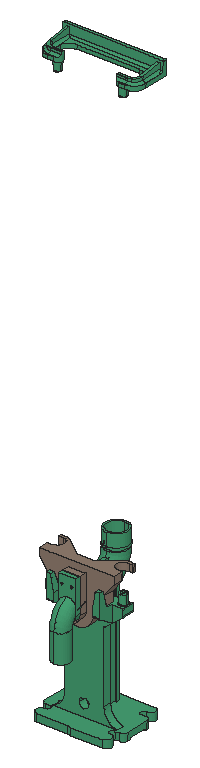
Revit family "Guide_Rail_System-Zoeller-(Z-Rail_Assembly)", category Mechanical Equipment, Revit 2014
Parameters (values of type "39-0143 1-1/4" Z-Rail")
  Width = 6 3/4"
  Waste Connection = yes
  Vent Connection = no
  Upper Rail Support Bracket = Support_Bracket-Upper-Zoeller-Rail_Sytem-152383 : 15-2383 SS
  URL = "http://www.zoellerpumps.com/"
  Revised Date = "04/10/2019"  # constant formula
  Rail System Discharge Radius = Rail System Discharge Diameter / 2  # 1"
  Rail System Discharge Diameter = 2"
  Rail Plate Material = Metal-Zoeller-Bronze
  Rail Discharge Outer Diameter = Rail System Discharge Diameter + 3/8"  # 2 3/8"
  Pump Discharge Radius = Pump Discharge Diameter / 2  # 5/8"
  Pump Discharge Diameter = 1 1/4"
  Product Page URL = "https://www.zoellerpumps.com/en-la/products/accessories/rail-systems"
  Product Documentation Link = "https://www.zoellerpumps.com/content/literature/zm2818.pdf"
  Price = "Prices may vary. Please consult Manufacturer Representative for most up-to-date price list."  # constant formula
  Non-Sparking Brass = yes
  Model = "39-0143"
  Material = Metal-Zoeller-Powder Coated Ductile Iron
  Manufacturer = "Zoeller"
  Length = 8 1/2"
  Height = 60"
  HW Connection = no
  Elbow Outer Diameter = Pump Discharge Diameter + 1/2"  # 1 3/4"
  Description = "Z-Rail Assembly"
  Default Elevation = 60"
  Creation Date = "1/25/2016"  # constant formula
  Carrier Void Diameter 3 = if(Pump Discharge Diameter = 2", 2 15/32", if(Pump Discharge Diameter = 1 1/2", 1 247/256", if(Pump Discharge Diameter = 1 1/4", 1 247/256", 1 247/256")))  # 1 247/256"
  Carrier Void Diameter 2 = if(Pump Discharge Diameter = 2", 2 17/64", if(Pump Discharge Diameter = 1 1/2", 1 49/64", if(Pump Discharge Diameter = 1 1/4", 1 49/64", 1 49/64")))  # 1 49/64"
  Carrier Void Diameter 1 = if(Pump Discharge Diameter = 2", 2 1/32", if(Pump Discharge Diameter = 1 1/2", 1 137/256", if(Pump Discharge Diameter = 1 1/4", 1 137/256", 1 137/256")))  # 1 137/256"
  CW Connection = yes
  Bracket Height = 60"
  Assembly Code = "D2030400"
Reference planes (in)
  plane 1 "Center (Front/Back)": y = 0
  plane 2: z = 0
  plane 3 "Center (Left/Right)": x = 0
  plane 4: x = -0.14941
  plane 5: x = 0.14941
  plane 6: x = -0.36816
  plane 7: x = 0.36816
  plane 8: z = 16.4075
  plane 9: z = 15.18875
  plane 10: y = -5.11503
  plane 11: y = -4.07403
  plane 12: z = 12.0625
  plane 13: z = 2.0625
  plane 14: z = 13.7125
  plane 15: x = -1.95312
  plane 16: x = 1.95313
  plane 17: y = -3.3125
  plane 18: x = -3.34375
  plane 19: x = 3.34375
  plane 20: y = -5.76965
  plane 21: y = -1
  plane 22: y = 1
  plane 23: x = -0.875
  plane 24: x = 0.875
Forms (in)
  Extrusion 1, solid, material "Metal-Zoeller-Powder Coated Ductile Iron" <- "Material"
    sketch origin (0, 0, 0) x (1, 0, 0) y (0, 1, 0)
      loop
        arc (-3.38199, 0.69097) -> (-3.87498, 0.18489) -> (-3.37323, -0.3125) r 0.50177
        line (-3.37323, -0.3125) -> (-3.3125, -0.3125)
        arc (-3.3125, -0.3125) -> (-3, -0.625) -> (-3.3125, -0.9375) r 0.3125
        line (-3.3125, -0.9375) -> (-3.75, -0.9375)
        arc (-3.75, -0.9375) -> (-4.10355, -1.08395) -> (-4.25, -1.4375) r 0.5
        line (-4.25, -1.4375) -> (-4.25, -3.8125)
        arc (-4.25, -3.8125) -> (-4.10355, -4.16605) -> (-3.75, -4.3125) r 0.5
        line (-3.75, -4.3125) -> (-3.3125, -4.3125)
        arc (-3.3125, -4.3125) -> (-3, -4.625) -> (-3.3125, -4.9375) r 0.3125
        line (-3.3125, -4.9375) -> (-3.37323, -4.9375)
        arc (-3.37323, -4.9375) -> (-3.87498, -5.43489) -> (-3.38199, -5.94097) r 0.50177
        line (-3.38199, -5.94097) -> (-0.17772, -5.9969)
        arc (-0.17772, -5.9969) -> (0, -5.99845) -> (0.17772, -5.9969) r 10.18289
        line (0.17772, -5.9969) -> (3.38199, -5.94097)
        arc (3.38199, -5.94097) -> (3.87498, -5.43489) -> (3.37323, -4.9375) r 0.50177
        line (3.37323, -4.9375) -> (3.3125, -4.9375)
        arc (3.3125, -4.9375) -> (3, -4.625) -> (3.3125, -4.3125) r 0.3125
        line (3.3125, -4.3125) -> (3.75, -4.3125)
        arc (3.75, -4.3125) -> (4.10355, -4.16605) -> (4.25, -3.8125) r 0.5
        line (4.25, -3.8125) -> (4.25, -1.4375)
        arc (4.25, -1.4375) -> (4.10355, -1.08395) -> (3.75, -0.9375) r 0.5
        line (3.75, -0.9375) -> (3.3125, -0.9375)
        arc (3.3125, -0.9375) -> (3, -0.625) -> (3.3125, -0.3125) r 0.3125
        line (3.3125, -0.3125) -> (3.37323, -0.3125)
        arc (3.37323, -0.3125) -> (3.87498, 0.18489) -> (3.38199, 0.69097) r 0.50177
        line (3.38199, 0.69097) -> (0.62113, 0.73916)
        arc (0.62113, 0.73916) -> (0, 0.74458) -> (-0.62113, 0.73916) r 35.59004
        line (-0.62113, 0.73916) -> (-3.38199, 0.69097)
    from 0 to 0.75
  Extrusion 2, solid, material "Metal-Zoeller-Powder Coated Ductile Iron" <- "Material"
    sketch origin (0, 0, 0) x (1, 0, 0) y (0, 0, 1)
      loop
        line (-3.2768, 0.75) -> (3.2768, 0.75)
        arc (3.2768, 0.75) -> (2.35526, 1.37783) -> (2, 2.43481) r 1.75
        line (2, 2.43481) -> (2, 9.75938) -> (-2, 9.75938) -> (-2, 2.43481)
        arc (-2, 2.43481) -> (-2.35526, 1.37783) -> (-3.2768, 0.75) r 1.75
      loop
        circle (0, 2.0625) r 0.5
    from 3.31667 to 4.07402
  Extrusion 3, solid, material "Metal-Zoeller-Powder Coated Ductile Iron" <- "Material"
    sketch origin (0, 0, 0) x (0, 1, 0) y (0, 0, 1)
      loop
        line (-0.42895, 0.76171) -> (-0.42895, 11.65604)
        arc (-0.42895, 11.65604) -> (-1.56287, 11.0679) -> (-2.82403, 10.86503) r 4.02147
        line (-2.82403, 10.86503) -> (-3.31667, 10.86503) -> (-3.31667, 0.76171) -> (-0.42895, 0.76171)
      loop
        line (-1.18753, 2.6875) -> (-1.18753, 8.6875)
        arc (-1.18753, 8.6875) -> (-1.33397, 9.04105) -> (-1.68753, 9.1875) r 0.5
        line (-1.68753, 9.1875) -> (-2.18753, 9.1875)
        arc (-2.18753, 9.1875) -> (-2.54108, 9.04105) -> (-2.68753, 8.6875) r 0.5
        line (-2.68753, 8.6875) -> (-2.68753, 2.6875)
        arc (-2.68753, 2.6875) -> (-2.54108, 2.33395) -> (-2.18753, 2.1875) r 0.5
        line (-2.18753, 2.1875) -> (-1.68753, 2.1875)
        arc (-1.68753, 2.1875) -> (-1.33397, 2.33395) -> (-1.18753, 2.6875) r 0.5
    from -0.15376 to 0.14507
  Extrusion 4, solid, material "Metal-Zoeller-Powder Coated Ductile Iron" <- "Material"
    sketch origin (0, 0, 0) x (0, 1, 0) y (0, 0, 1)
      loop
        line (-0.18753, 0.75) -> (-0.18753, 11.95333)
        arc (-0.18753, 11.95333) -> (-0.30626, 11.84994) -> (-0.42895, 11.75127) r 4.02147
        line (-0.42895, 11.75127) -> (-0.42895, 0.75) -> (-0.18753, 0.75)
    from -0.36816 to 0.36816
  Extrusion 5, solid, material "Metal-Zoeller-Powder Coated Ductile Iron" <- "Material"
    sketch origin (0, 0, 0) x (1, 0, 0) y (0, 0, 1)
      loop
        arc (2, 12.375) -> (0, 14.375) -> (-2, 12.375) r 2
        line (-2, 12.375) -> (-2, 12.0625) -> (-3.86295, 12.0625)
        arc (-3.86295, 12.0625) -> (-3.90714, 12.04419) -> (-3.92545, 12) r 0.0625
        line (-3.92545, 12) -> (-3.92545, 11.31107)
        arc (-3.92545, 11.31107) -> (-3.91276, 11.2562) -> (-3.87727, 11.21247) r 0.125
        line (-3.87727, 11.21247) -> (-2.0479, 9.78731)
        arc (-2.0479, 9.78731) -> (-2.01261, 9.74384) -> (-2, 9.68928) r 0.12427
        line (-2, 9.68928) -> (-2, 9.62667) -> (2, 9.62667) -> (2, 9.68893)
        arc (2, 9.68893) -> (2.01269, 9.7438) -> (2.04818, 9.78753) r 0.125
        line (2.04818, 9.78753) -> (3.87727, 11.21247)
        arc (3.87727, 11.21247) -> (3.91276, 11.2562) -> (3.92545, 11.31107) r 0.125
        line (3.92545, 11.31107) -> (3.92545, 12)
        arc (3.92545, 12) -> (3.90714, 12.04419) -> (3.86295, 12.0625) r 0.0625
        line (3.86295, 12.0625) -> (2, 12.0625) -> (2, 12.375)
      loop
        circle (0, 12.0625) r 1
    from 2.82835 to 4.07402
  Revolve 6, solid, material "Metal-Zoeller-Powder Coated Ductile Iron" <- "Material"
    sketch origin (0, -3.3125, 0) x (1, 0, 0) y (0, 0, 1)
      loop
        line (-3.34375, 12.0625) -> (-3.34375, 13.0625) -> (-3.62236, 13.0625)
        arc (-3.62236, 13.0625) -> (-3.66658, 13.04464) -> (-3.68597, 13.00107) r 0.06365
        line (-3.68597, 13.00107) -> (-3.71664, 12.12282)
        arc (-3.71664, 12.12282) -> (-3.73569, 12.08004) -> (-3.77911, 12.0625) r 0.0625
        line (-3.77911, 12.0625) -> (-3.34375, 12.0625)
      axis (-3.34375, 13.0625) -> (-3.34375, 12.0625)
    angle from 0 to 360
  Revolve 7, solid, material "Metal-Zoeller-Powder Coated Ductile Iron" <- "Material"
    sketch origin (6.6875, -3.3125, 0) x (1, 0, 0) y (0, 0, 1)
      loop
        line (-3.34375, 12.0625) -> (-3.34375, 13.0625) -> (-3.62236, 13.0625)
        arc (-3.62236, 13.0625) -> (-3.66658, 13.04464) -> (-3.68597, 13.00107) r 0.06365
        line (-3.68597, 13.00107) -> (-3.71664, 12.12282)
        arc (-3.71664, 12.12282) -> (-3.73569, 12.08004) -> (-3.77911, 12.0625) r 0.0625
        line (-3.77911, 12.0625) -> (-3.34375, 12.0625)
      axis (-3.34375, 13.0625) -> (-3.34375, 12.0625)
    angle from 0 to 360
  Extrusion 8, solid, material "Metal-Zoeller-Powder Coated Ductile Iron" <- "Material"
    sketch origin (0, 0, 0) x (0, 1, 0) y (0, 0, -1)
      loop
        line (-3.92545, -10.33428) -> (-5.48065, -11.23218)
        arc (-5.48065, -11.23218) -> (-5.50325, -11.25478) -> (-5.51152, -11.28565) r 0.06175
        line (-5.51152, -11.28565) -> (-5.51152, -13.7125) -> (-5.11503, -13.7125) -> (-4.78536, -12.16151)
        arc (-4.78536, -12.16151) -> (-4.74176, -12.09036) -> (-4.66309, -12.0625) r 0.125
        line (-4.66309, -12.0625) -> (-3.84482, -12.0625) -> (-3.84482, -10.33428) -> (-3.92545, -10.33428)
    from 1.95831 to 2.75
  Extrusion 9, solid, material "Metal-Zoeller-Powder Coated Ductile Iron" <- "Material"
    sketch origin (0, 0, 0) x (0, 1, 0) y (0, 0, 1)
      loop
        line (-3.92545, 10.33428) -> (-3.84482, 10.33428) -> (-3.84482, 12.0625) -> (-4.66309, 12.0625)
        arc (-4.66309, 12.0625) -> (-4.74176, 12.09036) -> (-4.78536, 12.16151) r 0.125
        line (-4.78536, 12.16151) -> (-5.11503, 13.7125) -> (-5.51152, 13.7125) -> (-5.51152, 11.28565)
        arc (-5.51152, 11.28565) -> (-5.50325, 11.25478) -> (-5.48065, 11.23218) r 0.06175
        line (-5.48065, 11.23218) -> (-3.92545, 10.33428)
    from 1.95832 to 2.75
  Revolve 10, solid, material "Metal-Zoeller-Powder Coated Ductile Iron" <- "Material"
    sketch origin (0, 0, 0) x (0, 1, 0) y (0, 0, 1)
      loop
        line (-1.21878, 14.8865) -> (-1, 14.8865) -> (-1, 16.4075) -> (-1.18753, 16.4075) -> (-1.18753, 15.0975) -> (-1.21878, 15.0975) -> (-1.21878, 14.8865)
      axis (0, 16.4075) -> (0, 14.8865)
    angle from 0 to 360
  Sweep 11, solid, material "Metal-Zoeller-Powder Coated Ductile Iron" <- "Material"
    path origin (0, 0, 0) x (0, 1, 0) y (0, 0, 1)
      loop
        line (-2.82835, 12.0625) -> (-2.68778, 12.0625)
        arc (-2.68778, 12.0625) -> (-0.78723, 12.84973) -> (0, 14.75028) r 2.68778
        line (0, 14.75028) -> (0, 14.8865)
    profile origin (0, 0, 14.81839) x (0, -1, 0) y (1, 0, 0)
      loop
        circle (0, 0) r 1
      loop
        circle (0, 0) r 1.1875
  Extrusion 12, solid, material "Metal-Zoeller-Powder Coated Ductile Iron" <- "Material"
    sketch origin (0, 0, 0) x (0, 1, 0) y (0, 0, 1)
      loop
        line (-1.26479, 14.1875) -> (-2.82835, 14.1875) -> (-2.82835, 13.1875)
        arc (-2.82835, 13.1875) -> (-1.87504, 13.4193) -> (-1.26479, 14.1875) r 1.51168
    from -0.19629 to 0.19629
  Sweep 13, void
    path origin (0, 0, 0) x (1, 0, 0) y (0, 0, 1)
      loop
        line (2, 12.0625) -> (2, 12.375)
        arc (2, 12.375) -> (0, 14.375) -> (-2, 12.375) r 2
        line (-2, 12.375) -> (-2, 12.0625)
    profile origin (0, 0, 14.375) x (0, 0, -1) y (0, -1, 0)
      loop
        line (0.25, 4.07402) -> (0, 4.07402) -> (0, 3.82402) -> (0.25, 4.07402)
  Extrusion 14, void
    sketch origin (0, 0, 0) x (1, 0, 0) y (0, 0, 1)
      loop
        line (-1.85887, 11.62551) -> (-1.85887, 13.88808) -> (-2.3398, 13.88808) -> (-1.85887, 11.62551)
      loop
        line (2.33475, 13.86433) -> (1.83276, 13.86433) -> (1.83276, 11.50264) -> (2.33475, 13.86433)
    from 4.60524 to 6.26847
  Extrusion 15, void
    sketch origin (0, 0, 0) x (0, 1, 0) y (0, 0, 1)
      loop
        line (-1.62503, 0) -> (-1.62503, 0.0625)
        arc (-1.62503, 0.0625) -> (-1.64333, 0.10669) -> (-1.68753, 0.125) r 0.0625
        line (-1.68753, 0.125) -> (-3.56175, 0.125)
        arc (-3.56175, 0.125) -> (-3.60649, 0.10647) -> (-3.62502, 0.06172) r 0.06328
        line (-3.62502, 0.06172) -> (-3.62502, 0) -> (-1.62503, 0)
    from -4.9519 to 4.97441
  Extrusion 16, solid, material "Metal-Zoeller-Bronze" <- "Rail Plate Material"
    sketch origin (0, -5.76965, 15.375) x (1, 0, 0) y (0, 1, 0)
      loop
        line (-3.34611, 1.76575) -> (-3.75236, 1.76575)
        arc (-3.75236, 1.76575) -> (-3.79655, 1.74745) -> (-3.81486, 1.70325) r 0.0625
        line (-3.81486, 1.70325) -> (-3.81486, 0.7505) -> (3.81711, 0.7505) -> (3.81711, 1.70325)
        arc (3.81711, 1.70325) -> (3.7988, 1.74745) -> (3.75461, 1.76575) r 0.0625
        line (3.75461, 1.76575) -> (3.34836, 1.76575)
        spline (3.34836, 1.76575) -> (3.17, 1.78924) -> (3.00379, 1.85808) -> (2.86107, 1.9676) -> (2.75155, 2.11032) -> (2.68271, 2.27653) -> (2.65923, 2.45489) -> (2.68271, 2.63325) -> (2.75155, 2.79945) -> (2.86107, 2.94218) -> (3.00379, 3.05169) -> (3.17, 3.12054) -> (3.34836, 3.14402)
        line (3.34836, 3.14402) -> (3.74662, 3.14402) -> (3.73846, 3.37768)
        arc (3.73846, 3.37768) -> (3.71942, 3.42046) -> (3.676, 3.438) r 0.0625
        line (3.676, 3.438) -> (3.34836, 3.438)
        arc (3.34836, 3.438) -> (3.02788, 3.38437) -> (2.74232, 3.22932) r 0.98438
        line (2.74232, 3.22932) -> (0.92838, 1.813) -> (-0.92838, 1.813) -> (-2.74007, 3.22932)
        arc (-2.74007, 3.22932) -> (-3.02563, 3.38437) -> (-3.34611, 3.438) r 0.98437
        line (-3.34611, 3.438) -> (-3.67375, 3.438)
        arc (-3.67375, 3.438) -> (-3.71717, 3.42046) -> (-3.73621, 3.37768) r 0.0625
        line (-3.73621, 3.37768) -> (-3.74437, 3.14402) -> (-3.34611, 3.14402)
        spline (-3.34611, 3.14402) -> (-3.16775, 3.12054) -> (-3.00154, 3.05169) -> (-2.85882, 2.94218) -> (-2.7493, 2.79945) -> (-2.68046, 2.63325) -> (-2.65698, 2.45489) -> (-2.68046, 2.27653) -> (-2.7493, 2.11032) -> (-2.85882, 1.9676) -> (-3.00154, 1.85808) -> (-3.16775, 1.78924) -> (-3.34611, 1.76575)
    from -0.69678 to 0
  Extrusion 17, solid, material "Metal-Zoeller-Bronze" <- "Rail Plate Material"
    sketch origin (0, -5.76965, 15.375) x (1, 0, 0) y (0, 0, 1)
      loop
        line (-2.87736, -3.0625) -> (-1.78166, -3.0625) -> (-1.78166, -4.0625)
        arc (-1.78166, -4.0625) -> (0, -5.84416) -> (1.78166, -4.0625) r 1.78166
        line (1.78166, -4.0625) -> (1.78166, -3.0625) -> (2.87736, -3.0625) -> (2.87736, -2) -> (3.81486, -0.75) -> (3.81486, -0.69678) -> (-3.81486, -0.69678) -> (-3.81486, -0.75) -> (-2.87736, -2) -> (-2.87736, -3.0625)
    from -1.688 to -0.7496
  Extrusion 18, solid, material "Metal-Zoeller-Bronze" <- "Rail Plate Material"
    sketch origin (0, -5.76965, 15.375) x (1, 0, 0) y (0, 0, 1)
      loop
        arc (-0.875, -4.28041) -> (0, -5.15541) -> (0.875, -4.28041) r 0.875
        line (0.875, -4.28041) -> (0.875, -0.69678) -> (-0.875, -0.69678) -> (-0.875, -4.28041)
    from -1.1255 to 0
  Extrusion 19, void
    sketch origin (0, -4.08165, 12.0625) x (0, 1, 0) y (0, 0, -1)
      loop
        arc (-0.72835, -0.2186) -> (-0.69266, 0.00377) -> (-0.68072, 0.22868) r 2.12391
        line (-0.68072, 0.22868) -> (-0.68072, 2.56486) -> (-0.95, 2.56486) -> (-0.95, -1.2475) -> (-0.72835, -0.2186)
    from -3.46812 to -1.82978
  Extrusion 20, void
    sketch origin (0, -4.08165, 12.0625) x (0, 1, 0) y (0, 0, 1)
      loop
        line (-0.72835, 0.2186) -> (-0.95, 1.2475) -> (-0.95, -2.56486) -> (-0.68072, -2.56486) -> (-0.68072, -0.22868)
        arc (-0.68072, -0.22868) -> (-0.69266, -0.00377) -> (-0.72835, 0.2186) r 2.12391
    from -3.46812 to -1.81735
  Revolve 21, void
    sketch origin (0, -4.08165, 12.0625) x (0, 1, 0) y (0, 0, 1)
      loop
        line (0, -1.859) -> (0, -1.59337) -> (-0.40625, -1.59337) -> (-0.40625, -1.68712) -> (-1.688, -1.68712) -> (-1.688, -1.859) -> (0, -1.859)
      axis (-1.688, -1.859) -> (0, -1.859)
    angle from 0 to 360
  Revolve 22, void
    sketch origin (-0.5035, -4.08165, 15.69073) x (0, 1, 0) y (0, 0, 1)
      loop
        line (0, -1.859) -> (0, -1.59337) -> (-0.40625, -1.59337) -> (-0.40625, -1.68712) -> (-1.688, -1.68712) -> (-1.688, -1.859) -> (0, -1.859)
      axis (-1.688, -1.859) -> (0, -1.859)
    angle from 0 to 360
  Revolve 23, void
    sketch origin (0.5035, -4.08165, 15.69073) x (0, 1, 0) y (0, 0, -1)
      loop
        line (0, 1.859) -> (-1.688, 1.859) -> (-1.688, 1.68712) -> (-0.40625, 1.68712) -> (-0.40625, 1.59337) -> (0, 1.59337) -> (0, 1.859)
      axis (-1.688, 1.859) -> (0, 1.859)
    angle from 0 to 360
  Sweep 24, solid, material "Metal-Zoeller-Epoxy Powder Coated Ductile Iron"
    path origin (0, -7.09216, 7.39737) x (0, -1, 0) y (0, 0, 1)
      loop
        line (-1.97712, 4.66513) -> (-1.81579, 4.66513)
        arc (-1.81579, 4.66513) -> (-0.53183, 4.1333) -> (0, 2.84934) r 1.81579
        line (0, 2.84934) -> (0, 0)
    profile origin (0, -5.1957, 12.0625) x (0, 0, 1) y (-1, 0, 0)
      loop
        circle (0, 0) r 0.875
  Extrusion 25, solid, material "Metal-Zoeller-Epoxy Powder Coated Ductile Iron"
    sketch origin (6.97812, -7.09216, 6.58431) x (-1, 0, 0) y (0, 0, 1)
      loop
        line (6.10312, 8.09391) -> (6.10312, 4.67729)
        arc (6.10312, 4.67729) -> (6.97812, 3.80229) -> (7.85312, 4.67729) r 0.875
        line (7.85312, 4.67729) -> (7.85312, 8.09391) -> (6.10312, 8.09391)
    from 0.83492 to 1.32251
  Extrusion 26, void
    sketch origin (0, -7.09216, 7.39737) x (-1, 0, 0) y (0, 0, 1)
      loop
        circle (-0.4965, 6.41513) r 0.1285
      loop
        circle (0.4965, 6.41513) r 0.1285
      loop
        circle (0, 2.81513) r 0.1285
    from 0.32934 to 2.24219
Cuts and joins
  Revolve 22, Revolve 23, Extrusion 26 cuts Extrusion 2
  Revolve 22, Revolve 23, Extrusion 26 cuts Extrusion 3
  Revolve 22, Revolve 23, Extrusion 26 cuts Extrusion 4
  Sweep 13, Revolve 22, Revolve 23, Extrusion 26 cuts Extrusion 5
  Revolve 22, Revolve 23, Extrusion 26 cuts Revolve 6
  Revolve 22, Revolve 23, Extrusion 26 cuts Revolve 7
  Extrusion 14, Revolve 22, Revolve 23, Extrusion 26 cuts Extrusion 8
  Extrusion 14, Revolve 22, Revolve 23, Extrusion 26 cuts Extrusion 9
  Revolve 22, Revolve 23, Extrusion 26 cuts Revolve 10
  Revolve 22, Revolve 23, Extrusion 26 cuts Sweep 11
  Revolve 22, Revolve 23, Extrusion 26 cuts Extrusion 12
  joined: Extrusion 2, Extrusion 3, Extrusion 4, Extrusion 5, Revolve 6, Revolve 7, Extrusion 8, Extrusion 9, Revolve 10, Sweep 11, Extrusion 12
  Extrusion 15, Extrusion 19, Extrusion 20 cuts Extrusion 1
  Extrusion 19, Extrusion 20, Revolve 21, Revolve 22, Revolve 23 cuts Extrusion 17
  Revolve 21, Revolve 22, Revolve 23 cuts Extrusion 18
  joined: Extrusion 16, Extrusion 17, Extrusion 18
  Extrusion 26 cuts Extrusion 25
Lines and regions (in)
  Masking region 1
    outline origin (0, 0, 0) x (1, 0, 0) y (0, 1, 0)
      loop
        line (-0.97368, 0.733) -> (-3.38199, 0.69097)
        arc (-3.38199, 0.69097) -> (-3.87498, 0.18489) -> (-3.37323, -0.3125) r 0.50177
        line (-3.37323, -0.3125) -> (-3.3125, -0.3125)
        arc (-3.3125, -0.3125) -> (-3, -0.625) -> (-3.3125, -0.9375) r 0.3125
        line (-3.3125, -0.9375) -> (-3.75, -0.9375)
        arc (-3.75, -0.9375) -> (-4.10355, -1.08395) -> (-4.25, -1.4375) r 0.5
        line (-4.25, -1.4375) -> (-4.25, -3.8125)
        arc (-4.25, -3.8125) -> (-4.10355, -4.16605) -> (-3.75, -4.3125) r 0.5
        line (-3.75, -4.3125) -> (-3.3125, -4.3125)
        arc (-3.3125, -4.3125) -> (-3, -4.625) -> (-3.3125, -4.9375) r 0.3125
        line (-3.3125, -4.9375) -> (-3.37323, -4.9375)
        arc (-3.37323, -4.9375) -> (-3.87498, -5.43489) -> (-3.38199, -5.94097) r 0.50177
        line (-3.38199, -5.94097) -> (-1.345, -5.97652) -> (-1.345, -6.25723) -> (-0.8759, -6.25723) -> (-0.8759, -7.09789)
        arc (-0.8759, -7.09789) -> (0.00324, -7.97703) -> (0.88238, -7.09789) r 0.87914
        line (0.88238, -7.09789) -> (0.88238, -6.25723) -> (1.345, -6.25723) -> (1.345, -5.97652) -> (3.38199, -5.94097)
        arc (3.38199, -5.94097) -> (3.87498, -5.43489) -> (3.37323, -4.9375) r 0.50177
        line (3.37323, -4.9375) -> (3.3125, -4.9375)
        arc (3.3125, -4.9375) -> (3, -4.625) -> (3.3125, -4.3125) r 0.3125
        line (3.3125, -4.3125) -> (3.75, -4.3125)
        arc (3.75, -4.3125) -> (4.10355, -4.16605) -> (4.25, -3.8125) r 0.5
        line (4.25, -3.8125) -> (4.25, -1.4375)
        arc (4.25, -1.4375) -> (4.10355, -1.08395) -> (3.75, -0.9375) r 0.5
        line (3.75, -0.9375) -> (3.3125, -0.9375)
        arc (3.3125, -0.9375) -> (3, -0.625) -> (3.3125, -0.3125) r 0.3125
        line (3.3125, -0.3125) -> (3.37323, -0.3125)
        arc (3.37323, -0.3125) -> (3.87498, 0.18489) -> (3.38199, 0.69097) r 0.50177
        line (3.38199, 0.69097) -> (0.97368, 0.733)
        arc (0.97368, 0.733) -> (0, 1.21875) -> (-0.97368, 0.733) r 1.21875
  symbolic lines, detail levels medium+fine
    curve 1: circle (0, 0, 0) r 1 normal (0, 0, -1)
    curve 2: arc (-0.97368, 0.733, 0) -> (0, -1.21878, 0) -> (0.97368, 0.733, 0) r 1.21876
    curve 3: line (-3.92545, -2.82835, 0) -> (-3.92545, -4.07402, 0)
    curve 4: line (-3.92545, -4.07402, 0) -> (-2.75, -4.07402, 0)
    curve 5: line (-2.75, -4.07402, 0) -> (-2.75, -5.51152, 0)
    curve 6: line (-2.75, -5.51152, 0) -> (-2, -5.51152, 0)
    curve 7: line (-2, -5.51152, 0) -> (-2, -4.07402, 0)
    curve 8: line (2, -4.07402, 0) -> (2, -5.51152, 0)
    curve 9: line (2, -5.51152, 0) -> (2.75, -5.51152, 0)
    curve 10: line (2.75, -5.51152, 0) -> (2.75, -4.07402, 0)
    curve 11: line (3.92545, -4.07402, 0) -> (3.92545, -2.82835, 0)
    curve 12: line (3.92545, -2.82835, 0) -> (-3.92545, -2.82835, 0)
    curve 13: line (-1.17545, -2.82835, 0) -> (-1.17545, -0.32203, 0)
    curve 14: line (1.17545, -2.82835, 0) -> (1.17545, -0.32203, 0)
    curve 15: line (-2, -4.07402, 0) -> (2, -4.07402, 0)
    curve 16: line (2.75, -4.07402, 0) -> (3.92545, -4.07402, 0)
    curve 33: line (-1.345, -5.97652, 0) -> (1.345, -5.97652, 0)
    curve 34: line (-0.8759, -6.25723, 0) -> (0.88238, -6.25723, 0)
  symbolic lines, detail levels fine
    curve 17: line (-2.35072, -5.51152, 0) -> (-2.35072, -5.11503, 0)
    curve 18: line (-2.35072, -5.11503, 0) -> (-2.02105, -4.78536, 0)
    curve 19: line (-2.75, -5.11503, 0) -> (-2.35072, -5.11503, 0)
    curve 20: line (2.35072, -5.11503, 0) -> (2.75, -5.11503, 0)
    curve 21: line (2.35072, -5.11503, 0) -> (2.35072, -5.51152, 0)
    curve 22: line (2.02105, -4.78536, 0) -> (2.35072, -5.11503, 0)
    curve 23: line (-2, -2.82835, 0) -> (-2, -3.82402, 0)
    curve 24: line (-2, -3.82402, 0) -> (-1.75, -4.07402, 0)
    curve 25: line (2, -2.82835, 0) -> (2, -3.82402, 0)
    curve 26: line (2, -3.82402, 0) -> (1.75, -4.07402, 0)
    curve 27: line (-2, -3.82402, 0) -> (2, -3.82402, 0)
    curve 28: line (-0.19629, -2.82835, 0) -> (-0.19629, -1.27945, 0)
    curve 29: arc (-0.19629, -1.27945, 0) -> (0, -1.29705, 0) -> (0.19629, -1.27945, 0) r 1.10298
    curve 30: line (0.19629, -1.27945, 0) -> (0.19629, -2.82835, 0)
    curve 31: circle (-3.34375, -3.3125, 0) r 0.33103 normal (0, 0, 1)
    curve 32: circle (3.34375, -3.3125, 0) r 0.33103 normal (0, 0, -1)
Dimensions and locks (in)
  plane 9 to plane 8 = 1 7/32"
  level to plane 8 = 16.4075"
  plane 12 to plane 13 = 10"
  plane 14 to plane 12 = 1.65"
  plane 16 to plane 15 = 3 29/32"
  plane 11 to plane 10 = 1.041"
  plane 17 to plane 11 = 0.76153"
  plane 19 to plane 18 = 6 11/16"
  plane 18 to plane 19 = 6 11/16"
  plane 3 "Center (Left/Right)" to plane 19 = 3 11/32"
  plane 3 "Center (Left/Right)" to plane 18 = 3 11/32"
  locked: Extrusion 16 sketch curve to Extrusion 16 sketch curve at 1.85676
  Extrusion 16 sketch curve to Extrusion 16 sketch curve = 1.85676"
  equal spacing: plane 21, plane 1 "Center (Front/Back)", plane 22
  "Rail System Discharge Diameter": plane 21 to plane 22
  locked: Revolve 10 sketch curve to plane 21 at 0.18753
  locked: Revolve 10 sketch curve to plane 21 at 0.21878
  locked: Revolve 10 sketch curve to plane 8 at 1.521
  locked: Revolve 10 sketch curve to Revolve 10 sketch curve at 0.211
  equal spacing: plane 24, plane 3 "Center (Left/Right)", plane 23
  "Elbow Outer Diameter": plane 24 to plane 23
  "Rail System Discharge Diameter": diameter of Sweep 11 sketch curve
  "Rail Discharge Outer Diameter": diameter of Sweep 11 sketch curve
  "Elbow Outer Diameter": diameter of Sweep 24 sketch curve
  aligned and locked: plane 3 "Center (Left/Right)" to nested 1
  aligned and locked: Revolve 10 sketch curve to plane 21
  aligned and locked: plane 8 to Revolve 10 sketch curve
  aligned and locked: plane 23 to Extrusion 25 sketch curve
  aligned and locked: Extrusion 25 sketch curve to plane 24
  aligned and locked: Extrusion 18 sketch curve to cut or joined group of Extrusion 25, Extrusion 26  (x2)
Automatic sketch dimensions
  Extrusion 1 sketch curve to plane 3 "Center (Left/Right)" = 0"  (x2)
  Extrusion 1 sketch curve to plane 4 = 0.0283"
  Extrusion 1 sketch curve to plane 6 = 0.25297"
  plane 18 to Extrusion 1 sketch curve = 1/32"  (x2)
  Extrusion 1 sketch curve to plane 18 = 0.02948"  (x2)
  Extrusion 1 sketch curve to plane 18 = 0.03824"  (x2)
  Extrusion 1 sketch curve to plane 18 = 13/32"  (x2)
  plane 11 to Extrusion 1 sketch curve = 0.26153"
  Extrusion 1 sketch curve to Extrusion 1 sketch curve = 1/2"  (x2)
  Extrusion 1 sketch curve to plane 5 = 0.0283"
  Extrusion 1 sketch curve to plane 7 = 0.25297"
  plane 19 to Extrusion 1 sketch curve = 1/32"  (x2)
  Extrusion 1 sketch curve to plane 19 = 0.02948"  (x2)
  Extrusion 1 sketch curve to plane 19 = 0.03824"  (x2)
  Extrusion 1 sketch curve to plane 19 = 13/32"  (x2)
  plane 10 to Extrusion 1 sketch curve = 0.49003"
  Extrusion 1 sketch curve to Extrusion 1 sketch curve = 5/16"  (x3)
  plane 10 to Extrusion 1 sketch curve = 0.17753"
  Extrusion 1 sketch curve to plane 10 = 83/256"  (x2)
  Extrusion 1 sketch curve to plane 10 = 0.88186"
  Extrusion 1 sketch curve to Extrusion 1 sketch curve = 28.84856"
  plane 1 "Center (Front/Back)" to Extrusion 1 sketch curve = 1 7/16"  (x2)
  Extrusion 1 sketch curve to plane 1 "Center (Front/Back)" = 0.18927"  (x2)
  Extrusion 1 sketch curve to plane 1 "Center (Front/Back)" = 0.73916"
  Extrusion 1 sketch curve to Extrusion 1 sketch curve = 3.44528"
  Extrusion 2 sketch curve to plane 3 "Center (Left/Right)" = 0"
  Extrusion 2 sketch curve to plane 13 = 0"
  Extrusion 2 sketch curve to plane 15 = 3/64"
  plane 18 to Extrusion 2 sketch curve = 0.06695"
  Extrusion 2 sketch curve to plane 18 = 13/32"
  Extrusion 2 sketch curve to plane 16 = 3/64"
  plane 19 to Extrusion 2 sketch curve = 0.06695"
  Extrusion 2 sketch curve to plane 19 = 13/32"
  level to Extrusion 2 sketch curve = 3/4"
  plane 12 to Extrusion 2 sketch curve = 2.30312"
  Extrusion 3 sketch curve to plane 17 = 0.00417"
  plane 9 to Extrusion 3 sketch curve = 0.30225"
  plane 17 to Extrusion 3 sketch curve = 0.48847"
  plane 17 to Extrusion 3 sketch curve = 0.62497"
  Extrusion 3 sketch curve to Extrusion 3 sketch curve = 1/2"  (x5)
  Extrusion 3 sketch curve to plane 13 = 1/8"
  plane 1 "Center (Front/Back)" to Extrusion 3 sketch curve = 0.42895"
  Extrusion 3 sketch curve to Extrusion 3 sketch curve = 0"  (x2)
  level to Extrusion 3 sketch curve = 195/256"
  plane 12 to Extrusion 3 sketch curve = 3 3/8"
  plane 12 to Extrusion 3 sketch curve = 1.19747"
  plane 17 to Extrusion 4 sketch curve = 0.42523"
  plane 1 "Center (Front/Back)" to Extrusion 4 sketch curve = 0.42895"
  plane 1 "Center (Front/Back)" to Extrusion 4 sketch curve = 0.18753"  (x2)
  plane 12 to Extrusion 4 sketch curve = 0.10917"
  Extrusion 4 sketch curve to Extrusion 4 sketch curve = 0.20205"
  level to Extrusion 4 sketch curve = 3/4"
  Extrusion 5 sketch curve to plane 12 = 0"  (x3)
  Extrusion 5 sketch curve to plane 3 "Center (Left/Right)" = 0"  (x2)
  Extrusion 5 sketch curve to plane 15 = 3/64"  (x2)
  Extrusion 5 sketch curve to plane 15 = 0.09477"
  Extrusion 5 sketch curve to Extrusion 5 sketch curve = 0.07637"
  Extrusion 5 sketch curve to plane 18 = 0.4567"
  Extrusion 5 sketch curve to plane 18 = 0.5192"
  Extrusion 5 sketch curve to Extrusion 5 sketch curve = 0.07682"  (x2)
  Extrusion 5 sketch curve to Extrusion 5 sketch curve = 1/16"
  Extrusion 5 sketch curve to plane 16 = 3/64"
  Extrusion 5 sketch curve to plane 16 = 0.09505"
  Extrusion 5 sketch curve to Extrusion 5 sketch curve = 1/8"
  Extrusion 5 sketch curve to plane 19 = 0.4567"
  Extrusion 5 sketch curve to plane 19 = 0.5192"
  Extrusion 5 sketch curve to Extrusion 5 sketch curve = 0.04818"
  Extrusion 5 sketch curve to Extrusion 5 sketch curve = 0.68893"  (x2)
  plane 12 to Extrusion 5 sketch curve = 2.27497"
  plane 12 to Extrusion 5 sketch curve = 2.27519"
  Extrusion 5 sketch curve to Extrusion 5 sketch curve = 0.06225"
  Extrusion 5 sketch curve to plane 12 = 5/16"
  Revolve 6 sketch curve to plane 12 = 0"  (x2)
  Revolve 6 sketch curve to plane 18 = 0"  (x2)
  Revolve 6 sketch curve to plane 18 = 0.27861"
  Revolve 6 sketch curve to Revolve 6 sketch curve = 0.06361"
  Revolve 6 sketch curve to plane 12 = 0.06032"
  Revolve 6 sketch curve to plane 18 = 0.37289"
  Revolve 6 sketch curve to Revolve 6 sketch curve = 0.06246"
  Revolve 6 sketch curve to Revolve 6 sketch curve = 0"
  Revolve 6 sketch curve to Revolve 6 sketch curve = 0.39675"
  plane 14 to Revolve 6 sketch curve = 0.71365"
  Revolve 6 sketch curve to Revolve 6 sketch curve = 0.00222"
  Revolve 7 sketch curve to plane 12 = 0"  (x2)
  plane 19 to Revolve 7 sketch curve = 0"  (x2)
  plane 19 to Revolve 7 sketch curve = 0.27861"
  Revolve 7 sketch curve to Revolve 7 sketch curve = 0.06361"
  Revolve 7 sketch curve to plane 12 = 0.06032"
  plane 19 to Revolve 7 sketch curve = 0.37289"
  Revolve 7 sketch curve to Revolve 7 sketch curve = 0.06246"
  Revolve 7 sketch curve to Revolve 7 sketch curve = 0"
  Revolve 7 sketch curve to Revolve 7 sketch curve = 0.39675"
  plane 14 to Revolve 7 sketch curve = 0.71365"
  Revolve 7 sketch curve to Revolve 7 sketch curve = 0.00222"
  plane 14 to Extrusion 8 sketch curve = 0"
  Extrusion 8 sketch curve to plane 10 = 0"
  plane 12 to Extrusion 8 sketch curve = 0"
  Extrusion 8 sketch curve to plane 10 = 0.33474"
  Extrusion 8 sketch curve to Extrusion 8 sketch curve = 0.03087"  (x2)
  Extrusion 8 sketch curve to plane 12 = 0.09901"
  plane 10 to Extrusion 8 sketch curve = 0.32967"
  Extrusion 8 sketch curve to Extrusion 8 sketch curve = 0.12227"
  plane 11 to Extrusion 8 sketch curve = 0.14859"
  plane 11 to Extrusion 8 sketch curve = 0.22922"
  plane 12 to Extrusion 8 sketch curve = 0.77685"
  plane 12 to Extrusion 8 sketch curve = 1.72822"
  plane 14 to Extrusion 9 sketch curve = 0"
  Extrusion 9 sketch curve to plane 10 = 0"
  plane 12 to Extrusion 9 sketch curve = 0"
  Extrusion 9 sketch curve to plane 10 = 0.33474"
  Extrusion 9 sketch curve to Extrusion 9 sketch curve = 0.03087"  (x2)
  Extrusion 9 sketch curve to plane 12 = 0.09901"
  plane 10 to Extrusion 9 sketch curve = 0.32967"
  Extrusion 9 sketch curve to Extrusion 9 sketch curve = 0.12227"
  plane 11 to Extrusion 9 sketch curve = 0.14859"
  plane 11 to Extrusion 9 sketch curve = 0.22922"
  plane 12 to Extrusion 9 sketch curve = 0.77685"
  plane 12 to Extrusion 9 sketch curve = 1.72822"
  plane 12 to Sweep 11 sketch curve = 0"
  Sweep 11 sketch curve to plane 1 "Center (Front/Back)" = 0"
  plane 17 to Sweep 11 sketch curve = 0.62472"
  Sweep 11 sketch curve to Sweep 11 sketch curve = 0.14057"
  Sweep 11 sketch curve to Sweep 11 sketch curve = 0.13622"
  plane 17 to Extrusion 12 sketch curve = 0.48415"
  Extrusion 12 sketch curve to Extrusion 12 sketch curve = 0.13883"
  Extrusion 12 sketch curve to plane 14 = 0.475"
  plane 1 "Center (Front/Back)" to Extrusion 12 sketch curve = 1.26479"
  plane 14 to Extrusion 12 sketch curve = 0.525"
  Sweep 13 sketch curve to plane 12 = 0"  (x2)
  Sweep 13 sketch curve to plane 3 "Center (Left/Right)" = 0"
  Sweep 13 sketch curve to plane 15 = 3/64"
  Sweep 13 sketch curve to plane 12 = 5/16"
  Sweep 13 sketch curve to profile plane = 0"
  Sweep 13 sketch curve to profile plane = 1/4"
  plane 1 "Center (Front/Back)" to Sweep 13 sketch curve = 3.82402"
  Sweep 13 sketch curve to Sweep 13 sketch curve = 1/4"
  Extrusion 14 sketch curve to plane 14 = 0.17558"
  Extrusion 14 sketch curve to plane 15 = 0.38667"
  plane 15 to Extrusion 14 sketch curve = 0.09425"
  plane 16 to Extrusion 14 sketch curve = 0.12037"
  Extrusion 14 sketch curve to plane 14 = 0.15183"
  Extrusion 14 sketch curve to plane 16 = 0.38163"
  plane 12 to Extrusion 14 sketch curve = 0.43699"
  plane 12 to Extrusion 14 sketch curve = 0.55986"
  Extrusion 15 sketch curve to level = 0"
  level to Extrusion 15 sketch curve = 0.06172"
  Extrusion 15 sketch curve to plane 17 = 0.31252"
  Extrusion 15 sketch curve to Extrusion 15 sketch curve = 0.06328"
  plane 17 to Extrusion 15 sketch curve = 1.62497"
  level to Extrusion 15 sketch curve = 1/16"
  Extrusion 16 sketch curve to plane 1 "Center (Front/Back)" = 4 17/256"  (x2)
  Extrusion 16 sketch curve to plane 19 = 7.15861"
  Extrusion 16 sketch curve to plane 1 "Center (Front/Back)" = 4 1/256"  (x2)
  Extrusion 16 sketch curve to plane 1 "Center (Front/Back)" = 2.62563"
  Extrusion 16 sketch curve to Extrusion 16 sketch curve = 0.00799"
  Extrusion 16 sketch curve to Extrusion 16 sketch curve = 0.00816"  (x2)
  Extrusion 16 sketch curve to Extrusion 16 sketch curve = 0.06246"  (x2)
  Extrusion 16 sketch curve to Extrusion 16 sketch curve = 0.32764"  (x2)
  Extrusion 16 sketch curve to Extrusion 16 sketch curve = 0"  (x2)
  Extrusion 16 sketch curve to plane 1 "Center (Front/Back)" = 2.54033"  (x2)
  Extrusion 16 sketch curve to Extrusion 16 sketch curve = 0.60604"  (x2)
  Extrusion 16 sketch curve to plane 1 "Center (Front/Back)" = 3.95665"
  Extrusion 16 sketch curve to Extrusion 16 sketch curve = 1.81169"
  Extrusion 16 sketch curve to Extrusion 16 sketch curve = 1.81394"
  Extrusion 16 sketch curve to plane 1 "Center (Front/Back)" = 2.39197"
  Extrusion 16 sketch curve to Extrusion 16 sketch curve = 13/32"
  Extrusion 16 sketch curve to Extrusion 16 sketch curve = 0.29398"
  Extrusion 16 sketch curve to Extrusion 16 sketch curve = 0.06032"  (x2)
  Extrusion 16 sketch curve to Extrusion 16 sketch curve = 0.23366"
  Extrusion 16 sketch curve to plane 1 "Center (Front/Back)" = 5.01915"
  plane 12 to Extrusion 18 sketch curve = 0.96791"
  plane 9 to Extrusion 18 sketch curve = 0.51053"
  Extrusion 19 sketch curve to plane 17 = 3.57378"
  plane 14 to Extrusion 19 sketch curve = 0.4025"
  plane 1 "Center (Front/Back)" to Extrusion 19 sketch curve = 5.03165"
  plane 1 "Center (Front/Back)" to Extrusion 19 sketch curve = 4.81"
  Extrusion 19 sketch curve to Extrusion 19 sketch curve = 0.04763"
  plane 14 to Extrusion 19 sketch curve = 1.4314"
  plane 12 to Extrusion 19 sketch curve = 2.56486"
  Extrusion 20 sketch curve to plane 17 = 3.57378"
  plane 14 to Extrusion 20 sketch curve = 0.4025"
  plane 1 "Center (Front/Back)" to Extrusion 20 sketch curve = 5.03165"
  plane 1 "Center (Front/Back)" to Extrusion 20 sketch curve = 4.81"
  Extrusion 20 sketch curve to Extrusion 20 sketch curve = 0.04763"
  plane 14 to Extrusion 20 sketch curve = 1.4314"
  plane 12 to Extrusion 20 sketch curve = 2.56486"
  plane 1 "Center (Front/Back)" to Revolve 21 sketch curve = 4.08165"
  plane 1 "Center (Front/Back)" to Revolve 21 sketch curve = 4.4879"
  Revolve 21 sketch curve to Revolve 21 sketch curve = 1.28175"
  Revolve 21 sketch curve to Revolve 21 sketch curve = 0.45602"
  Revolve 21 sketch curve to Revolve 21 sketch curve = 0.68704"
  plane 12 to Revolve 21 sketch curve = 1.859"
  Revolve 21 sketch curve to Revolve 21 sketch curve = 0"
  Revolve 21 sketch curve to Revolve 21 sketch curve = 11/64"
  Revolve 21 sketch curve to Revolve 21 sketch curve = 17/64"
  plane 1 "Center (Front/Back)" to Revolve 22 sketch curve = 4.08165"
  plane 1 "Center (Front/Back)" to Revolve 22 sketch curve = 4.4879"
  plane 9 to Revolve 22 sketch curve = 1.35702"  (x2)
  Revolve 22 sketch curve to Revolve 22 sketch curve = 1.28175"
  Revolve 22 sketch curve to Revolve 22 sketch curve = 0.45602"
  Revolve 22 sketch curve to Revolve 22 sketch curve = 0.68704"
  Revolve 22 sketch curve to Revolve 22 sketch curve = 11/64"
  plane 9 to Revolve 22 sketch curve = 1.09139"
  plane 1 "Center (Front/Back)" to Revolve 23 sketch curve = 4.08165"
  plane 1 "Center (Front/Back)" to Revolve 23 sketch curve = 4.4879"
  plane 9 to Revolve 23 sketch curve = 1.35702"  (x2)
  Revolve 23 sketch curve to Revolve 23 sketch curve = 1.28175"
  Revolve 23 sketch curve to Revolve 23 sketch curve = 0.45602"
  Revolve 23 sketch curve to Revolve 23 sketch curve = 0.68704"
  Revolve 23 sketch curve to Revolve 23 sketch curve = 11/64"
  Revolve 23 sketch curve to Revolve 23 sketch curve = 3/32"
  level to Extrusion 26 sketch curve = 13 13/16"  (x2)
  plane 19 to Extrusion 26 sketch curve = 2.84725"
  Extrusion 26 sketch curve to Extrusion 26 sketch curve = 0.4965"
  Extrusion 26 sketch curve to Extrusion 26 sketch curve = 0.993"
  Extrusion 26 sketch curve to Extrusion 26 sketch curve = 3.6"
  plane 1 "Center (Front/Back)" to Masking region 1 sketch curve = 0"
  Masking region 1 sketch curve to plane 3 "Center (Left/Right)" = 0"
  Masking region 1 sketch curve to plane 6 = 0.50774"
  Masking region 1 sketch curve to plane 6 = 0.60552"
  Masking region 1 sketch curve to Masking region 1 sketch curve = 0.4691"
  plane 18 to Masking region 1 sketch curve = 1/32"  (x3)
  Masking region 1 sketch curve to plane 18 = 0.02948"  (x3)
  Masking region 1 sketch curve to plane 18 = 0.03824"  (x2)
  Masking region 1 sketch curve to plane 18 = 13/32"  (x2)
  Masking region 1 sketch curve to Masking region 1 sketch curve = 1/2"  (x2)
  plane 3 "Center (Left/Right)" to Masking region 1 sketch curve = 0.00324"
  Masking region 1 sketch curve to plane 7 = 0.60552"
  Masking region 1 sketch curve to Masking region 1 sketch curve = 0.46262"
  plane 19 to Masking region 1 sketch curve = 1/32"  (x2)
  Masking region 1 sketch curve to plane 19 = 0.02948"  (x2)
  Masking region 1 sketch curve to plane 19 = 0.03824"  (x2)
  Masking region 1 sketch curve to plane 19 = 13/32"  (x2)
  plane 1 "Center (Front/Back)" to Masking region 1 sketch curve = 5/16"  (x2)
  Masking region 1 sketch curve to Masking region 1 sketch curve = 5/16"  (x4)
  plane 11 to Masking region 1 sketch curve = 0.26153"  (x2)
  Masking region 1 sketch curve to plane 10 = 83/256"  (x2)
  Masking region 1 sketch curve to plane 20 = 0.20687"  (x2)
  Masking region 1 sketch curve to Masking region 1 sketch curve = 0.28071"  (x2)
  Masking region 1 sketch curve to plane 1 "Center (Front/Back)" = 0.18927"  (x2)
  Masking region 1 sketch curve to plane 1 "Center (Front/Back)" = 0.733"
  Masking region 1 sketch curve to Masking region 1 sketch curve = 0.84066"
  curve 31 to plane 17 = 0"
  curve 31 to plane 18 = 0"
  curve 19 to plane 10 = 0"
  plane 1 "Center (Front/Back)" to curve 1 = 0"
  curve 1 to plane 3 "Center (Left/Right)" = 0"
  curve 29 to plane 3 "Center (Left/Right)" = 0"
  curve 2 to plane 3 "Center (Left/Right)" = 0"
  curve 20 to plane 10 = 0"
  curve 32 to plane 17 = 0"
  curve 32 to plane 19 = 0"
  curve 3 to plane 18 = 0.5817"
  plane 20 to curve 6 = 0.25813"
  plane 18 to curve 6 = 19/32"
  curve 17 to plane 15 = 0.39759"
  curve 18 to plane 15 = 0.06792"
  plane 11 to curve 7 = 0"
  curve 7 to plane 15 = 3/64"
  curve 27 to plane 15 = 3/64"
  plane 15 to curve 24 = 13/64"
  curve 33 to plane 20 = 0.20687"
  plane 15 to curve 33 = 0.60813"
  plane 1 "Center (Front/Back)" to curve 13 = 0.32203"
  plane 15 to curve 13 = 0.77768"
  curve 2 to plane 6 = 0.60552"
  curve 34 to plane 6 = 0.50774"
  curve 28 to plane 4 = 3/64"
  curve 29 to plane 5 = 3/64"
  curve 34 to plane 7 = 0.51421"
  curve 2 to plane 7 = 0.60552"
  plane 1 "Center (Front/Back)" to curve 14 = 0.32203"
  curve 34 to curve 33 = 0.46262"
  plane 16 to curve 26 = 13/64"
  curve 27 to plane 16 = 3/64"
  curve 9 to plane 16 = 3/64"
  curve 22 to plane 16 = 0.06792"
  curve 20 to plane 16 = 0.39759"
  plane 11 to curve 10 = 0"
  plane 19 to curve 10 = 19/32"
  curve 11 to plane 19 = 0.5817"
  curve 34 to plane 20 = 0.48758"
  plane 20 to curve 10 = 0.25813"
  plane 10 to curve 22 = 0.32967"
  plane 10 to curve 18 = 0.32967"
  plane 11 to curve 4 = 0"
  curve 8 to curve 25 = 1/4"
  plane 17 to curve 11 = 0.48415"
  plane 1 "Center (Front/Back)" to curve 29 = 1.27945"
  plane 1 "Center (Front/Back)" to curve 29 = 0.19407"
  plane 1 "Center (Front/Back)" to curve 2 = 0"
  Revolve 10 sketch curve to plane 1 "Center (Front/Back)" = 0"
  plane 9 to Revolve 10 sketch curve = 0.30225"
  Revolve 10 sketch curve to Revolve 10 sketch curve = 0.52981"
  Sweep 24 sketch curve to plane 10 = 0"
  plane 12 to Sweep 24 sketch curve = 0"
  Sweep 24 sketch curve to plane 10 = 0.16133"
  Sweep 24 sketch curve to plane 20 = 1.32251"
  Sweep 24 sketch curve to Sweep 24 sketch curve = 2.84934"
  Sweep 24 sketch curve to profile plane = 0"
  profile plane to Sweep 24 sketch curve = 0"
  Extrusion 17 sketch curve to plane 3 "Center (Left/Right)" = 0"
  plane 18 to Extrusion 17 sketch curve = 0.46639"
  Extrusion 17 sketch curve to plane 18 = 0.47111"
  plane 16 to Extrusion 17 sketch curve = 0.17147"
  plane 19 to Extrusion 17 sketch curve = 0.46639"
  Extrusion 17 sketch curve to plane 19 = 0.47111"
  plane 12 to Extrusion 17 sketch curve = 3/4"
  Extrusion 17 sketch curve to plane 12 = 1/4"  (x3)
  plane 14 to Extrusion 17 sketch curve = 0.3375"  (x2)
  plane 9 to Extrusion 17 sketch curve = 0.56375"  (x2)
  Extrusion 17 sketch curve to Extrusion 17 sketch curve = 0.05322"
  plane 12 to Extrusion 25 sketch curve = 0.8009"
  plane 9 to Extrusion 25 sketch curve = 0.51053"
  Sweep 11 sketch curve to Sweep 11 sketch curve = 0"  (x2)
  Sweep 11 sketch curve to plane 3 "Center (Left/Right)" = 0"
  Sweep 11 sketch curve to profile plane = 0"
  radius of Extrusion 2 sketch curve = 1/2"
  radius of Extrusion 5 sketch curve = 1"
  radius of Extrusion 26 sketch curve = 0.1285"  (x3)
  radius of curve 1 = 1"
  radius of curve 31 = 0.33103"
  radius of curve 32 = 0.33103"
Nested families (in)
  nested 1: "Support_Bracket-Upper-Zoeller-Rail_Sytem-152383" at (0, -0.0625, 59.5), type <- "Upper Rail Support Bracket", type "15-2383 SS"
Connectors (in)
  piping at (0, -7.09216, 7.39737), diameter 1.25, driven by "Pump Discharge Radius"
    settings: on cut or joined group of Extrusion 25, Extrusion 26, index 1, connector inside diameter 2", connector length 0", flow factor 0, pipe flow 0 GPM, pressure drop 0.00 psi, fitting loss kfactor 0, connector angle 0.00°, fixture units 0, engagement length 0", angle of deflection 0.00°, flow configuration 0, flow direction 1, fitting loss method 0, system type 29, joint type 0, gender type 0, connector reference index -1, connector utility 0, adjustable connector no, is connector primary yes, connector description "Inlet Connection"
  piping at (0, 0, 16.4075), diameter 2, driven by "Rail System Discharge Radius"
    settings: on cut or joined group of Extrusion 2, Extrusion 3, Extrusion 4, Extrusion 5, Revolve 6, Revolve 7, Extrusion 8, Extrusion 9, Revolve 10, Sweep 11, Extrusion 12, Sweep 13, Extrusion 14, Revolve 22, Revolve 23, Extrusion 26, index 2, connector inside diameter 2", connector length 0", flow factor 0, pipe flow 0 GPM, pressure drop 0.00 psi, fitting loss kfactor 0, connector angle 0.00°, fixture units 0, engagement length 0", angle of deflection 0.00°, flow configuration 0, flow direction 2, fitting loss method 0, system type 29, joint type 0, gender type 0, connector reference index -1, connector utility 0, adjustable connector no, is connector primary no, connector description "Outlet Connection"
Definition of nested family "Support_Bracket-Upper-Zoeller-Rail_Sytem-152383"
  Parameters (values of type "15-2383")
    Width = 10 1/4"
    Waste Connection = no
    Vent Connection = no
    URL = "http://www.zoellerpumps.com/"
    Price = "Prices may vary. Please consult Manufacturer Representative for most up-to-date price list."  # constant formula
    Model = "15-2383"
    Material = "Metal-Zoeller-Powder Coated Ductile Iron"
    Manufacturer = "Zoeller"
    Length = 3 3/4"
    Height = 1 1/2"
    HW Connection = no
    Description = "Bracket, upper guide-cast."
    Default Elevation = 0"
    CW Connection = yes
    Assembly Code = "F1050"
  Reference planes (in)
    plane 1 "Center (Front/Back)": y = 0
    plane 2: z = 0
    plane 3 "Center (Left/Right)": x = 0
    plane 4: z = 1.5
    plane 5: x = -5.125
    plane 6: x = -4.76223
    plane 7: x = -4.51223
    plane 8: y = -3.25
    plane 9: x = 5.125
    plane 10: x = -4.125
    plane 11: x = -4.625
    plane 12: x = -3.71875
    plane 13: x = -2.96875
    plane 14: x = -3.34375
    plane 15: x = 3.71875
    plane 16: x = 2.96875
    plane 17: x = 3.34375
    plane 18: x = 4.76223
    plane 19: x = 4.51223
    plane 20: x = 4.125
    plane 21: x = 4.625
    plane 22: z = -1
    plane 23: x = 3.71875
    plane 24: x = 2.96875
    plane 25: x = -3.71875
    plane 26: x = -2.96875
    plane 27: y = -3.75
  Forms (in)
    Sweep 1, solid, material "Metal-Zoeller-Powder Coated Ductile Iron"
      path origin (0, 0, 0) x (1, 0, 0) y (0, 1, 0)
        loop
          line (-4.625, -0.26198) -> (-4.625, -2.5639)
          arc (-4.625, -2.5639) -> (-4.42405, -3.04905) -> (-3.9389, -3.25) r 0.6861
          line (-3.9389, -3.25) -> (-2.64716, -3.25)
      profile origin (-4.625, -1.41294, 0) x (1, 0, 0) y (0, 0, 1)
        loop
          arc (-0.14702, 0.63503) -> (-0.2232, 0.46392) -> (-0.39687, 0.39375) r 0.25
          line (-0.39687, 0.39375) -> (-0.5, 0.39375) -> (-0.5, 0) -> (0.5, 0) -> (0.5, 0.39375) -> (0.39687, 0.39375)
          arc (0.39687, 0.39375) -> (0.2232, 0.46392) -> (0.14702, 0.63503) r 0.25
          line (0.14702, 0.63503) -> (0.125, 1.26559) -> (-0.125, 1.26559) -> (-0.14702, 0.63503)
    Extrusion 2, solid, material "Metal-Zoeller-Powder Coated Ductile Iron"
      sketch origin (0, 0, 0) x (1, 0, 0) y (0, 1, 0)
        loop
          line (-3.125, -1.0432) -> (3.125, -1.0432)
          arc (3.125, -1.0432) -> (3.83211, -1.3361) -> (4.125, -2.0432) r 1
          line (4.125, -2.0432) -> (4.49104, -2.0432) -> (4.49104, -0.34414) -> (-4.49104, -0.34414) -> (-4.49104, -2.0432) -> (-4.125, -2.0432)
          arc (-4.125, -2.0432) -> (-3.83211, -1.3361) -> (-3.125, -1.0432) r 1
      from 0 to 0.39375
    Extrusion 3, void
      sketch origin (0, 0, 0) x (1, 0, 0) y (0, 1, 0)
        loop
          line (-3.31456, -3.75) -> (-3.31456, -3.82768) -> (-2.31456, -3.82768) -> (-2.31456, -2.66545) -> (-3.31456, -2.66545) -> (-3.31456, -2.75)
          arc (-3.31456, -2.75) -> (-2.81456, -3.25) -> (-3.31456, -3.75) r 0.5
        loop
          arc (3.31456, -3.75) -> (2.81456, -3.25) -> (3.31456, -2.75) r 0.5
          line (3.31456, -2.75) -> (3.31456, -2.66545) -> (2.31456, -2.66545) -> (2.31456, -3.82768) -> (3.31456, -3.82768) -> (3.31456, -3.75)
      from -0.30884 to 1.89349
    Extrusion 4, void
      sketch origin (0, 0, 0) x (0, 1, 0) y (0, 0, 1)
        loop
          line (-3.47914, 0.82777) -> (-3.29878, 0.82777)
          arc (-3.29878, 0.82777) -> (-2.91638, 0.8428) -> (-2.53633, 0.88778) r 4.87388
          line (-2.53633, 0.88778) -> (-0.26198, 1.248) -> (-0.26198, 1.58365) -> (-3.47914, 1.58365) -> (-3.47914, 0.82777)
      from -5.76595 to 5.86269
    Revolve 5, solid, material "Metal-Zoeller-Powder Coated Ductile Iron"
      sketch origin (0, -3.25, 0) x (1, 0, 0) y (0, 0, 1)
        loop
          line (-3.71875, 0) -> (-3.68595, -0.93933)
          arc (-3.68595, -0.93933) -> (-3.66679, -0.98236) -> (-3.62313, -1) r 0.06286
          line (-3.62313, -1) -> (-3.34375, -1) -> (-3.34375, 0) -> (-3.71875, 0)
        axis (-3.34375, -1) -> (-3.34375, 0)
      angle from 0 to 360
    Revolve 6, solid, material "Metal-Zoeller-Powder Coated Ductile Iron"
      sketch origin (0, -3.25, 0) x (-1, 0, 0) y (0, 0, -1)
        loop
          line (-3.71875, 0) -> (-3.34375, 0) -> (-3.34375, 1) -> (-3.62313, 1)
          arc (-3.62313, 1) -> (-3.66679, 0.98236) -> (-3.68595, 0.93933) r 0.06286
          line (-3.68595, 0.93933) -> (-3.71875, 0)
        axis (-3.34375, 1) -> (-3.34375, 0)
      angle from 0 to 360
    Extrusion 7, solid, material "Metal-Zoeller-Powder Coated Ductile Iron"
      sketch origin (0, 0, 0) x (1, 0, 0) y (0, 0, 1)
        loop
          line (-5.125, 0) -> (5.125, 0) -> (5.125, 1.40625)
          arc (5.125, 1.40625) -> (5.09754, 1.47254) -> (5.03125, 1.5) r 0.09375
          line (5.03125, 1.5) -> (-5.03125, 1.5)
          arc (-5.03125, 1.5) -> (-5.09754, 1.47254) -> (-5.125, 1.40625) r 0.09375
          line (-5.125, 1.40625) -> (-5.125, 0)
      from 0 to 1.0432
    Extrusion 8, void
      sketch origin (0, 0, 0) x (0, 1, 0) y (0, 0, 1)
        loop
          line (0, 0) -> (0.06825, 0) -> (0.06825, 1.66777) -> (-0.02911, 1.66777) -> (0, 0)
        loop
          line (-1.0432, 0.39375) -> (-0.59498, 0.39375)
          arc (-0.59498, 0.39375) -> (-0.43673, 0.45769) -> (-0.36731, 0.61361) r 0.22781
          line (-0.36731, 0.61361) -> (-0.3305, 1.66777) -> (-1.0432, 1.66777) -> (-1.0432, 0.39375)
      from -5.76595 to 5.86269
    Sweep 9, solid, material "Metal-Zoeller-Powder Coated Ductile Iron"
      path origin (0, 0, 0) x (-1, 0, 0) y (0, 1, 0)
        loop
          line (-4.625, -0.26198) -> (-4.625, -2.5639)
          arc (-4.625, -2.5639) -> (-4.42405, -3.04905) -> (-3.9389, -3.25) r 0.6861
          line (-3.9389, -3.25) -> (-2.64716, -3.25)
      profile origin (4.625, -1.41294, 0) x (1, 0, 0) y (0, 0, 1)
        loop
          line (0.14702, 0.63503) -> (0.125, 1.26559) -> (-0.125, 1.26559) -> (-0.14702, 0.63503)
          arc (-0.14702, 0.63503) -> (-0.2232, 0.46392) -> (-0.39687, 0.39375) r 0.25
          line (-0.39687, 0.39375) -> (-0.5, 0.39375) -> (-0.5, 0) -> (0.5, 0) -> (0.5, 0.39375) -> (0.39687, 0.39375)
          arc (0.39687, 0.39375) -> (0.2232, 0.46392) -> (0.14702, 0.63503) r 0.25
  Cuts and joins
    Extrusion 3, Extrusion 4 cuts Sweep 1
    Extrusion 3, Extrusion 4 cuts Extrusion 2
    Extrusion 8 cuts Extrusion 7
    Extrusion 3, Extrusion 4 cuts Sweep 9
    joined: Sweep 1, Extrusion 2, Extrusion 7, Sweep 9
  Lines and regions (in)
    Masking region 1
      outline origin (0, 0, 0) x (1, 0, 0) y (0, 1, 0)
        loop
          line (-5.125, 0) -> (-5.125, -2.5639)
          arc (-5.125, -2.5639) -> (-4.7776, -3.4026) -> (-3.9389, -3.75) r 1.1861
          line (-3.9389, -3.75) -> (-3.31456, -3.75)
          arc (-3.31456, -3.75) -> (-2.81456, -3.25) -> (-3.31456, -2.75) r 0.5
          line (-3.31456, -2.75) -> (-3.9389, -2.75)
          arc (-3.9389, -2.75) -> (-4.07049, -2.69549) -> (-4.125, -2.5639) r 0.1861
          line (-4.125, -2.5639) -> (-4.125, -2.0432)
          arc (-4.125, -2.0432) -> (-3.83211, -1.3361) -> (-3.125, -1.0432) r 1
          line (-3.125, -1.0432) -> (3.125, -1.0432)
          arc (3.125, -1.0432) -> (3.83211, -1.3361) -> (4.125, -2.0432) r 1
          line (4.125, -2.0432) -> (4.125, -2.5639)
          arc (4.125, -2.5639) -> (4.07049, -2.69549) -> (3.9389, -2.75) r 0.1861
          line (3.9389, -2.75) -> (3.31456, -2.75)
          arc (3.31456, -2.75) -> (2.81456, -3.25) -> (3.31456, -3.75) r 0.5
          line (3.31456, -3.75) -> (3.9389, -3.75)
          arc (3.9389, -3.75) -> (4.7776, -3.4026) -> (5.125, -2.5639) r 1.1861
          line (5.125, -2.5639) -> (5.125, 0) -> (-5.125, 0)
    symbolic lines, style "PlumbingFixturesHiddenLines", detail levels medium+fine
      curve 1: line (-5.125, -0.33636, 0) -> (5.125, -0.33636, 0)
    symbolic lines, style "PlumbingFixturesHiddenLines", detail levels fine
      curve 2: line (-4.75085, -0.33636, 0) -> (-4.75085, -2.59515, 0)
      curve 3: line (-3.12394, -3.39029, 0) -> (-3.95571, -3.39029, 0)
      curve 4: arc (-4.75085, -2.59515, 0) -> (-4.51796, -3.1574, 0) -> (-3.95571, -3.39029, 0) r 0.79514
      curve 5: line (-4.50085, -0.33636, 0) -> (-4.50085, -2.56166, 0)
      curve 6: line (-3.12394, -3.10298, 0) -> (-3.95954, -3.10298, 0)
      curve 7: arc (-4.50085, -2.56166, 0) -> (-4.34231, -2.94443, 0) -> (-3.95954, -3.10298, 0) r 0.54132
      curve 8: arc (-3.12394, -3.39029, 0) -> (-2.98028, -3.24663, 0) -> (-3.12394, -3.10298, 0) r 0.14365
      curve 9: line (4.75085, -0.33636, 0) -> (4.75085, -2.59515, 0)
      curve 10: line (3.12394, -3.39029, 0) -> (3.95571, -3.39029, 0)
      curve 11: arc (4.75085, -2.59515, 0) -> (4.51796, -3.1574, 0) -> (3.95571, -3.39029, 0) r 0.79514
      curve 12: line (4.50085, -0.33636, 0) -> (4.50085, -2.56166, 0)
      curve 13: line (3.12394, -3.10298, 0) -> (3.95954, -3.10298, 0)
      curve 14: arc (4.50085, -2.56166, 0) -> (4.34231, -2.94443, 0) -> (3.95954, -3.10298, 0) r 0.54132
      curve 15: arc (3.12394, -3.39029, 0) -> (2.98028, -3.24663, 0) -> (3.12394, -3.10298, 0) r 0.14365
  Dimensions and locks (in)
    locked: plane 4 to level at 1.5
    locked: plane 5 to plane 9 at 10.25
    plane 25 to plane 26 = 3/4"
    level to plane 22 = 1"
    locked: plane 1 "Center (Front/Back)" to plane 27 at 3.75
Types (20): name | Upper Rail Support Bracket | Rail System Discharge Radius | Rail System Discharge Diameter | Rail Plate Material | Rail Discharge Outer Diameter | Pump Discharge Radius | Pump Discharge Diameter | Non-Sparking Brass | Model | Material | Elbow Outer Diameter | Carrier Void Diameter 3 | Carrier Void Diameter 2 | Carrier Void Diameter 1
  39-0134 1-1/4" Z-Rail | Support_Bracket-Upper-Zoeller-Rail_Sytem-152383 : 15-2383 | 1" | 2" | Metal-Zoeller-Powder Coated Ductile Iron | 2 3/8" | 5/8" | 1 1/4" | no | "39-0134" | Metal-Zoeller-Epoxy Powder Coated Ductile Iron | 1 3/4" | 1 247/256" | 1 49/64" | 1 137/256"
  39-0131 1-1/2" Z-Rail | Support_Bracket-Upper-Zoeller-Rail_Sytem-152383 : 15-2383 | 1" | 2" | Metal-Zoeller-Powder Coated Ductile Iron | 2 3/8" | 3/4" | 1 1/2" | no | "39-0131" | Metal-Zoeller-Epoxy Powder Coated Ductile Iron | 2" | 1 247/256" | 1 49/64" | 1 137/256"
